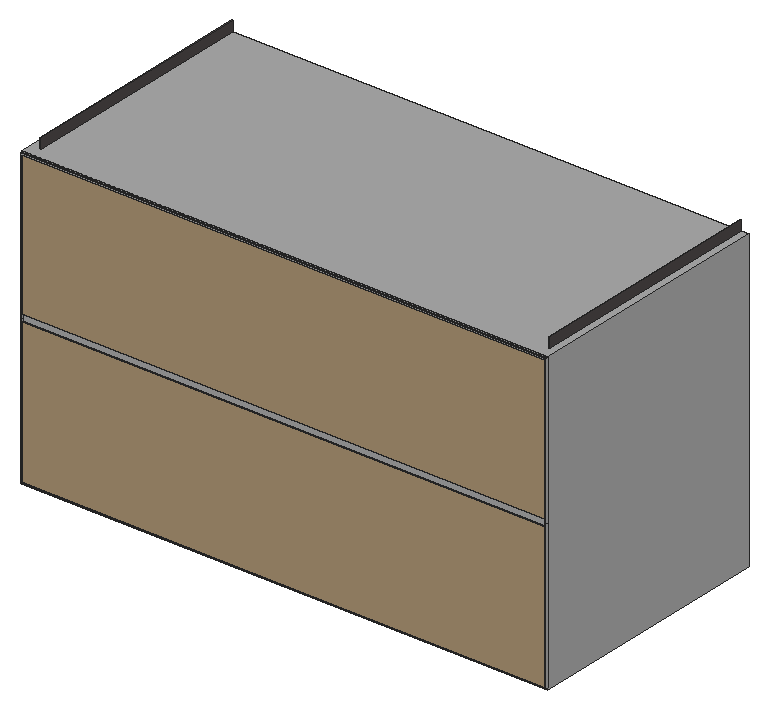
Revit family "vanity unit-hansgrohe-54183XXX-Xevolos E Vanity unit Slate Matt Grey 980_475 with 2 drawers for washbasin", category Furniture, Revit 2019
Family settings
  OmniClass Number = 23.40.00.00
  OmniClass Title = Equipment and Furnishings
  Work Plane-Based = No
  Always vertical = Yes
  Cut with Voids When Loaded = No
  Shared = Yes
  Room Calculation Point = No
Parameters (values of type "54183390-SLATE_MATT_GREY-PATTEREND_BRONZE-200")
  etim7_EC011381 = "EC011381"
  WEIGHT = "42.9"
  UNSPSC = "56 | Furniture and Furnishings"
  UNIFORMATII = "E2010 | Fixed Furnishings"
  UNICLASS_2015_CODE = "40_30_78_05"
  UNICLASS2015 = "Pr_40_30_78_05 | Bathroom furniture"
  SURFACE = "PATTEREND_BRONZE"
  REGION = "Worldwide"
  PRODUCTURL = "https://pro.hansgrohe.com/articledetail--54183770"
  PERMALINK = "54183XXX"
  OMNICLASS = "23-21 19 15 33 13 | Residential Bathroom Specialty Casework"
  OBJECTTYPE = "Object (single object)"
  OBERFLAECHE = "SLATE_MATT_GREY"
  NN = "Vanity unit with 2 drawers for handrinse basin"
  NBSYN = "$ARTNR.-$OBERFLAECHE.-$SURFACE.-$LODLEVEL."
  NB = "54183390-SLATE_MATT_GREY-PATTEREND_BRONZE-200"
  NAME = "Xevolos E Vanity unit Slate Matt Grey 980/475 with 2 drawers for washbasin"
  Model = "54183390-SLATE_MATT_GREY-PATTEREND_BRONZE-200"
  Manufacturer = "Hansgrohe"
  MIdent = "{$CADENAS_DATA/23d-libs/hansgrohe/xevolos_furniture/xevolos_vanity_unit_2_drawers_handrinse_basin/vanity_unit_2_drawers_for_handrinse_basin.prj},279 {VTYP=3D},{NB=54183390-SLATE_MATT_GREY-PATTEREND_BRONZE-200},{LINA=54183390-SLATE_MATT_GREY-PATTEREND_BRONZE-200},{NN=Vanity unit with 2 drawers for handrinse basin},{DATE=13.03.2023 12:26:32},{GEOMDATE=12.03.2023 06:54:00},{VERSION=},{LINEID=830},{WBVAR=LODLEVEL},{WBNUMERIC=}  {NB=54183390-SLATE_MATT_GREY-PATTEREND_BRONZE-200},{LINA=54183390-SLATE_MATT_GREY-PATTEREND_BRONZE-200},{KT=DUMMY},{IDNR=34},{ARTNR=54183390},{BASENUMBER=54183},{MODEL=54183XXX},{OBERFLAECHE=SLATE_MATT_GREY},{SURFACE=PATTEREND_BRONZE},{L=980},{LODLEVEL=200},{LODLEVELX='400','400','200','200'},{NAME=Xevolos E Vanity unit Slate Matt Grey 980/475 with 2 drawers for washbasin},{PERMALINK=54183XXX},{OBJECTTYPE=Object (single object)},{BIMOBJECT=Sanitary: Compound units},{COLLECTIONSET=Xevolos E},{COLLECTION=vanity unit},{WEIGHT=42.9},{DESCRIPTION=Xevolos E Vanity unit Slate Matt Grey 980/475 with 2 drawers for washbasin},{PRODUCTURL=https://pro.hansgrohe.com/articledetail--54183770},{GTINCODE=0},{TENDERURL=0},{IFC=Furnishing element},{ETIM=EC011381 | Bathroom furniture set},{UNICLASS2015=Pr_40_30_78_05 | Bathroom furniture},{OMNICLASS=23-21 19 15 33 13 | Residential Bathroom Specialty Casework},{MASTERFORMAT=12 35 30.23 | Bathroom Casework},{UNSPSC=56 | Furniture and Furnishings},{UNIFORMATII=E2010 | Fixed Furnishings},{REGION=Worldwide},{DESIGN=Germany},{MANUFACTURER=Germany}"
  MASTERFORMAT = "12 35 30.23 | Bathroom Casework"
  LODLEVEL = "200"
  LINA = "54183390-SLATE_MATT_GREY-PATTEREND_BRONZE-200"
  L = 980
  IFC = "Furnishing element"
  IDNR = 34
  ETIM = "EC011381 | Bathroom furniture set"
  DESIGN = "Germany"
  COLLECTIONSET = "Xevolos E"
  COLLECTION = "vanity unit"
  CATALOG = "Hansgrohe"
  BIMOBJECT = "Sanitary: Compound units"
  BASENUMBER = "54183"
  ARTNR = "54183390"
  54183770-SLATE_MATT_GREY-METALLIC_SLATE_GREY-400_RX0RY0RZ0TX0TY0TZ0_V = no
  54183770-SLATE_MATT_GREY-METALLIC_SLATE_GREY-200_RX0RY0RZ0TX0TY0TZ0_V = no
  54183730-SLATE_MATT_GREY-DARK_OAK-400_RX0RY0RZ0TX0TY0TZ0_V = no
  54183730-SLATE_MATT_GREY-DARK_OAK-200_RX0RY0RZ0TX0TY0TZ0_V = no
  54183390-SLATE_MATT_GREY-PATTEREND_BRONZE-400_RX0RY0RZ0TX0TY0TZ0_V = no
  54183390-SLATE_MATT_GREY-PATTEREND_BRONZE-200_RX0RY0RZ0TX0TY0TZ0_V = yes
Types (6, lengths in mm): name | SURFACE | NB | Model | MIdent | LODLEVEL | LINA | IDNR | ARTNR | 54183770-SLATE_MATT_GREY-METALLIC_SLATE_GREY-400_RX0RY0RZ0TX0TY0TZ0_V | 54183770-SLATE_MATT_GREY-METALLIC_SLATE_GREY-200_RX0RY0RZ0TX0TY0TZ0_V | 54183730-SLATE_MATT_GREY-DARK_OAK-400_RX0RY0RZ0TX0TY0TZ0_V | 54183730-SLATE_MATT_GREY-DARK_OAK-200_RX0RY0RZ0TX0TY0TZ0_V | 54183390-SLATE_MATT_GREY-PATTEREND_BRONZE-400_RX0RY0RZ0TX0TY0TZ0_V | 54183390-SLATE_MATT_GREY-PATTEREND_BRONZE-200_RX0RY0RZ0TX0TY0TZ0_V
  54183390-SLATE_MATT_GREY-PATTEREND_BRONZE-200 | "PATTEREND_BRONZE" | "54183390-SLATE_MATT_GREY-PATTEREND_BRONZE-200" | "54183390-SLATE_MATT_GREY-PATTEREND_BRONZE-200" | "{$CADENAS_DATA/23d-libs/hansgrohe/xevolos_furniture/xevolos_vanity_unit_2_drawers_handrinse_basin/vanity_unit_2_drawers_for_handrinse_basin.prj},279 {VTYP=3D},{NB=54183390-SLATE_MATT_GREY-PATTEREND_BRONZE-200},{LINA=54183390-SLATE_MATT_GREY-PATTEREND_BRONZE-200},{NN=Vanity unit with 2 drawers for handrinse basin},{DATE=13.03.2023 12:26:32},{GEOMDATE=12.03.2023 06:54:00},{VERSION=},{LINEID=830},{WBVAR=LODLEVEL},{WBNUMERIC=}  {NB=54183390-SLATE_MATT_GREY-PATTEREND_BRONZE-200},{LINA=54183390-SLATE_MATT_GREY-PATTEREND_BRONZE-200},{KT=DUMMY},{IDNR=34},{ARTNR=54183390},{BASENUMBER=54183},{MODEL=54183XXX},{OBERFLAECHE=SLATE_MATT_GREY},{SURFACE=PATTEREND_BRONZE},{L=980},{LODLEVEL=200},{LODLEVELX='400','400','200','200'},{NAME=Xevolos E Vanity unit Slate Matt Grey 980/475 with 2 drawers for washbasin},{PERMALINK=54183XXX},{OBJECTTYPE=Object (single object)},{BIMOBJECT=Sanitary: Compound units},{COLLECTIONSET=Xevolos E},{COLLECTION=vanity unit},{WEIGHT=42.9},{DESCRIPTION=Xevolos E Vanity unit Slate Matt Grey 980/475 with 2 drawers for washbasin},{PRODUCTURL=https://pro.hansgrohe.com/articledetail--54183770},{GTINCODE=0},{TENDERURL=0},{IFC=Furnishing element},{ETIM=EC011381 | Bathroom furniture set},{UNICLASS2015=Pr_40_30_78_05 | Bathroom furniture},{OMNICLASS=23-21 19 15 33 13 | Residential Bathroom Specialty Casework},{MASTERFORMAT=12 35 30.23 | Bathroom Casework},{UNSPSC=56 | Furniture and Furnishings},{UNIFORMATII=E2010 | Fixed Furnishings},{REGION=Worldwide},{DESIGN=Germany},{MANUFACTURER=Germany}" | "200" | "54183390-SLATE_MATT_GREY-PATTEREND_BRONZE-200" | 34 | "54183390" | no | no | no | no | no | yes
  54183390-SLATE_MATT_GREY-PATTEREND_BRONZE-400 | "PATTEREND_BRONZE" | "54183390-SLATE_MATT_GREY-PATTEREND_BRONZE-400" | "54183390-SLATE_MATT_GREY-PATTEREND_BRONZE-400" | "{$CADENAS_DATA/23d-libs/hansgrohe/xevolos_furniture/xevolos_vanity_unit_2_drawers_handrinse_basin/vanity_unit_2_drawers_for_handrinse_basin.prj},279 {VTYP=3D},{NB=54183390-SLATE_MATT_GREY-PATTEREND_BRONZE-400},{LINA=54183390-SLATE_MATT_GREY-PATTEREND_BRONZE-400},{NN=Vanity unit with 2 drawers for handrinse basin},{DATE=13.03.2023 12:26:32},{GEOMDATE=12.03.2023 06:54:00},{VERSION=},{LINEID=830},{WBVAR=LODLEVEL},{WBNUMERIC=}  {NB=54183390-SLATE_MATT_GREY-PATTEREND_BRONZE-400},{LINA=54183390-SLATE_MATT_GREY-PATTEREND_BRONZE-400},{KT=DUMMY},{IDNR=34},{ARTNR=54183390},{BASENUMBER=54183},{MODEL=54183XXX},{OBERFLAECHE=SLATE_MATT_GREY},{SURFACE=PATTEREND_BRONZE},{L=980},{LODLEVEL=400},{LODLEVELX='400','400','200','200'},{NAME=Xevolos E Vanity unit Slate Matt Grey 980/475 with 2 drawers for washbasin},{PERMALINK=54183XXX},{OBJECTTYPE=Object (single object)},{BIMOBJECT=Sanitary: Compound units},{COLLECTIONSET=Xevolos E},{COLLECTION=vanity unit},{WEIGHT=42.9},{DESCRIPTION=Xevolos E Vanity unit Slate Matt Grey 980/475 with 2 drawers for washbasin},{PRODUCTURL=https://pro.hansgrohe.com/articledetail--54183770},{GTINCODE=0},{TENDERURL=0},{IFC=Furnishing element},{ETIM=EC011381 | Bathroom furniture set},{UNICLASS2015=Pr_40_30_78_05 | Bathroom furniture},{OMNICLASS=23-21 19 15 33 13 | Residential Bathroom Specialty Casework},{MASTERFORMAT=12 35 30.23 | Bathroom Casework},{UNSPSC=56 | Furniture and Furnishings},{UNIFORMATII=E2010 | Fixed Furnishings},{REGION=Worldwide},{DESIGN=Germany},{MANUFACTURER=Germany}" | "400" | "54183390-SLATE_MATT_GREY-PATTEREND_BRONZE-400" | 34 | "54183390" | no | no | no | no | yes | no
  54183730-SLATE_MATT_GREY-DARK_OAK-200 | "DARK_OAK" | "54183730-SLATE_MATT_GREY-DARK_OAK-200" | "54183730-SLATE_MATT_GREY-DARK_OAK-200" | "{$CADENAS_DATA/23d-libs/hansgrohe/xevolos_furniture/xevolos_vanity_unit_2_drawers_handrinse_basin/vanity_unit_2_drawers_for_handrinse_basin.prj},263 {VTYP=3D},{NB=54183730-SLATE_MATT_GREY-DARK_OAK-200},{LINA=54183730-SLATE_MATT_GREY-DARK_OAK-200},{NN=Vanity unit with 2 drawers for handrinse basin},{DATE=13.03.2023 12:26:32},{GEOMDATE=12.03.2023 06:54:00},{VERSION=},{LINEID=840},{WBVAR=LODLEVEL},{WBNUMERIC=}  {NB=54183730-SLATE_MATT_GREY-DARK_OAK-200},{LINA=54183730-SLATE_MATT_GREY-DARK_OAK-200},{KT=DUMMY},{IDNR=35},{ARTNR=54183730},{BASENUMBER=54183},{MODEL=54183XXX},{OBERFLAECHE=SLATE_MATT_GREY},{SURFACE=DARK_OAK},{L=980},{LODLEVEL=200},{LODLEVELX='400','400','200','200'},{NAME=Xevolos E Vanity unit Slate Matt Grey 980/475 with 2 drawers for washbasin},{PERMALINK=54183XXX},{OBJECTTYPE=Object (single object)},{BIMOBJECT=Sanitary: Compound units},{COLLECTIONSET=Xevolos E},{COLLECTION=vanity unit},{WEIGHT=42.9},{DESCRIPTION=Xevolos E Vanity unit Slate Matt Grey 980/475 with 2 drawers for washbasin},{PRODUCTURL=https://pro.hansgrohe.com/articledetail--54183770},{GTINCODE=0},{TENDERURL=0},{IFC=Furnishing element},{ETIM=EC011381 | Bathroom furniture set},{UNICLASS2015=Pr_40_30_78_05 | Bathroom furniture},{OMNICLASS=23-21 19 15 33 13 | Residential Bathroom Specialty Casework},{MASTERFORMAT=12 35 30.23 | Bathroom Casework},{UNSPSC=56 | Furniture and Furnishings},{UNIFORMATII=E2010 | Fixed Furnishings},{REGION=Worldwide},{DESIGN=Germany},{MANUFACTURER=Germany}" | "200" | "54183730-SLATE_MATT_GREY-DARK_OAK-200" | 35 | "54183730" | no | no | no | yes | no | no
  54183730-SLATE_MATT_GREY-DARK_OAK-400 | "DARK_OAK" | "54183730-SLATE_MATT_GREY-DARK_OAK-400" | "54183730-SLATE_MATT_GREY-DARK_OAK-400" | "{$CADENAS_DATA/23d-libs/hansgrohe/xevolos_furniture/xevolos_vanity_unit_2_drawers_handrinse_basin/vanity_unit_2_drawers_for_handrinse_basin.prj},263 {VTYP=3D},{NB=54183730-SLATE_MATT_GREY-DARK_OAK-400},{LINA=54183730-SLATE_MATT_GREY-DARK_OAK-400},{NN=Vanity unit with 2 drawers for handrinse basin},{DATE=13.03.2023 12:26:32},{GEOMDATE=12.03.2023 06:54:00},{VERSION=},{LINEID=840},{WBVAR=LODLEVEL},{WBNUMERIC=}  {NB=54183730-SLATE_MATT_GREY-DARK_OAK-400},{LINA=54183730-SLATE_MATT_GREY-DARK_OAK-400},{KT=DUMMY},{IDNR=35},{ARTNR=54183730},{BASENUMBER=54183},{MODEL=54183XXX},{OBERFLAECHE=SLATE_MATT_GREY},{SURFACE=DARK_OAK},{L=980},{LODLEVEL=400},{LODLEVELX='400','400','200','200'},{NAME=Xevolos E Vanity unit Slate Matt Grey 980/475 with 2 drawers for washbasin},{PERMALINK=54183XXX},{OBJECTTYPE=Object (single object)},{BIMOBJECT=Sanitary: Compound units},{COLLECTIONSET=Xevolos E},{COLLECTION=vanity unit},{WEIGHT=42.9},{DESCRIPTION=Xevolos E Vanity unit Slate Matt Grey 980/475 with 2 drawers for washbasin},{PRODUCTURL=https://pro.hansgrohe.com/articledetail--54183770},{GTINCODE=0},{TENDERURL=0},{IFC=Furnishing element},{ETIM=EC011381 | Bathroom furniture set},{UNICLASS2015=Pr_40_30_78_05 | Bathroom furniture},{OMNICLASS=23-21 19 15 33 13 | Residential Bathroom Specialty Casework},{MASTERFORMAT=12 35 30.23 | Bathroom Casework},{UNSPSC=56 | Furniture and Furnishings},{UNIFORMATII=E2010 | Fixed Furnishings},{REGION=Worldwide},{DESIGN=Germany},{MANUFACTURER=Germany}" | "400" | "54183730-SLATE_MATT_GREY-DARK_OAK-400" | 35 | "54183730" | no | no | yes | no | no | no
  54183770-SLATE_MATT_GREY-METALLIC_SLATE_GREY-200 | "METALLIC_SLATE_GREY" | "54183770-SLATE_MATT_GREY-METALLIC_SLATE_GREY-200" | "54183770-SLATE_MATT_GREY-METALLIC_SLATE_GREY-200" | "{$CADENAS_DATA/23d-libs/hansgrohe/xevolos_furniture/xevolos_vanity_unit_2_drawers_handrinse_basin/vanity_unit_2_drawers_for_handrinse_basin.prj},285 {VTYP=3D},{NB=54183770-SLATE_MATT_GREY-METALLIC_SLATE_GREY-200},{LINA=54183770-SLATE_MATT_GREY-METALLIC_SLATE_GREY-200},{NN=Vanity unit with 2 drawers for handrinse basin},{DATE=13.03.2023 12:26:32},{GEOMDATE=12.03.2023 06:54:00},{VERSION=},{LINEID=850},{WBVAR=LODLEVEL},{WBNUMERIC=}  {NB=54183770-SLATE_MATT_GREY-METALLIC_SLATE_GREY-200},{LINA=54183770-SLATE_MATT_GREY-METALLIC_SLATE_GREY-200},{KT=DUMMY},{IDNR=36},{ARTNR=54183770},{BASENUMBER=54183},{MODEL=54183XXX},{OBERFLAECHE=SLATE_MATT_GREY},{SURFACE=METALLIC_SLATE_GREY},{L=980},{LODLEVEL=200},{LODLEVELX='400','400','200','200'},{NAME=Xevolos E Vanity unit Slate Matt Grey 980/475 with 2 drawers for washbasin},{PERMALINK=54183XXX},{OBJECTTYPE=Object (single object)},{BIMOBJECT=Sanitary: Compound units},{COLLECTIONSET=Xevolos E},{COLLECTION=vanity unit},{WEIGHT=42.9},{DESCRIPTION=Xevolos E Vanity unit Slate Matt Grey 980/475 with 2 drawers for washbasin},{PRODUCTURL=https://pro.hansgrohe.com/articledetail--54183770},{GTINCODE=0},{TENDERURL=0},{IFC=Furnishing element},{ETIM=EC011381 | Bathroom furniture set},{UNICLASS2015=Pr_40_30_78_05 | Bathroom furniture},{OMNICLASS=23-21 19 15 33 13 | Residential Bathroom Specialty Casework},{MASTERFORMAT=12 35 30.23 | Bathroom Casework},{UNSPSC=56 | Furniture and Furnishings},{UNIFORMATII=E2010 | Fixed Furnishings},{REGION=Worldwide},{DESIGN=Germany},{MANUFACTURER=Germany}" | "200" | "54183770-SLATE_MATT_GREY-METALLIC_SLATE_GREY-200" | 36 | "54183770" | no | yes | no | no | no | no
  54183770-SLATE_MATT_GREY-METALLIC_SLATE_GREY-400 | "METALLIC_SLATE_GREY" | "54183770-SLATE_MATT_GREY-METALLIC_SLATE_GREY-400" | "54183770-SLATE_MATT_GREY-METALLIC_SLATE_GREY-400" | "{$CADENAS_DATA/23d-libs/hansgrohe/xevolos_furniture/xevolos_vanity_unit_2_drawers_handrinse_basin/vanity_unit_2_drawers_for_handrinse_basin.prj},285 {VTYP=3D},{NB=54183770-SLATE_MATT_GREY-METALLIC_SLATE_GREY-400},{LINA=54183770-SLATE_MATT_GREY-METALLIC_SLATE_GREY-400},{NN=Vanity unit with 2 drawers for handrinse basin},{DATE=13.03.2023 12:26:32},{GEOMDATE=12.03.2023 06:54:00},{VERSION=},{LINEID=850},{WBVAR=LODLEVEL},{WBNUMERIC=}  {NB=54183770-SLATE_MATT_GREY-METALLIC_SLATE_GREY-400},{LINA=54183770-SLATE_MATT_GREY-METALLIC_SLATE_GREY-400},{KT=DUMMY},{IDNR=36},{ARTNR=54183770},{BASENUMBER=54183},{MODEL=54183XXX},{OBERFLAECHE=SLATE_MATT_GREY},{SURFACE=METALLIC_SLATE_GREY},{L=980},{LODLEVEL=400},{LODLEVELX='400','400','200','200'},{NAME=Xevolos E Vanity unit Slate Matt Grey 980/475 with 2 drawers for washbasin},{PERMALINK=54183XXX},{OBJECTTYPE=Object (single object)},{BIMOBJECT=Sanitary: Compound units},{COLLECTIONSET=Xevolos E},{COLLECTION=vanity unit},{WEIGHT=42.9},{DESCRIPTION=Xevolos E Vanity unit Slate Matt Grey 980/475 with 2 drawers for washbasin},{PRODUCTURL=https://pro.hansgrohe.com/articledetail--54183770},{GTINCODE=0},{TENDERURL=0},{IFC=Furnishing element},{ETIM=EC011381 | Bathroom furniture set},{UNICLASS2015=Pr_40_30_78_05 | Bathroom furniture},{OMNICLASS=23-21 19 15 33 13 | Residential Bathroom Specialty Casework},{MASTERFORMAT=12 35 30.23 | Bathroom Casework},{UNSPSC=56 | Furniture and Furnishings},{UNIFORMATII=E2010 | Fixed Furnishings},{REGION=Worldwide},{DESIGN=Germany},{MANUFACTURER=Germany}" | "400" | "54183770-SLATE_MATT_GREY-METALLIC_SLATE_GREY-400" | 36 | "54183770" | yes | no | no | no | no | no
Reference planes
  plane 1 "Center (Front/Back)": y = 0
  plane 2: z = 0
  plane 3 "Center (Left/Right)": x = 0
Dimensions and locks
  aligned and locked: level to plane 2
Nested families
  nested 1: "54183390-slate_matt_grey-patterend_bronze-200_content" at (0, 0, 0), visible <- "54183390-SLATE_MATT_GREY-PATTEREND_BRONZE-200_RX0RY0RZ0TX0TY0TZ0_V", ContentVisible <- "54183390-SLATE_MATT_GREY-PATTEREND_BRONZE-200_RX0RY0RZ0TX0TY0TZ0_V", type "54183390-SLATE_MATT_GREY-PATTEREND_BRONZE-200_Content"
    with ContentVisible yes
  nested 2: "54183390-slate_matt_grey-patterend_bronze-400_content" at (0, 0, 0), visible <- "54183390-SLATE_MATT_GREY-PATTEREND_BRONZE-400_RX0RY0RZ0TX0TY0TZ0_V", ContentVisible <- "54183390-SLATE_MATT_GREY-PATTEREND_BRONZE-400_RX0RY0RZ0TX0TY0TZ0_V", type "54183390-SLATE_MATT_GREY-PATTEREND_BRONZE-400_Content"
    with ContentVisible no
  nested 3: "54183730-slate_matt_grey-dark_oak-200_content" at (0, 0, 0), visible <- "54183730-SLATE_MATT_GREY-DARK_OAK-200_RX0RY0RZ0TX0TY0TZ0_V", ContentVisible <- "54183730-SLATE_MATT_GREY-DARK_OAK-200_RX0RY0RZ0TX0TY0TZ0_V", type "54183730-SLATE_MATT_GREY-DARK_OAK-200_Content"
    with ContentVisible no
  nested 4: "54183730-slate_matt_grey-dark_oak-400_content" at (0, 0, 0), visible <- "54183730-SLATE_MATT_GREY-DARK_OAK-400_RX0RY0RZ0TX0TY0TZ0_V", ContentVisible <- "54183730-SLATE_MATT_GREY-DARK_OAK-400_RX0RY0RZ0TX0TY0TZ0_V", type "54183730-SLATE_MATT_GREY-DARK_OAK-400_Content"
    with ContentVisible no
  nested 5: "54183770-slate_matt_grey-metallic_slate_grey-200_content" at (0, 0, 0), visible <- "54183770-SLATE_MATT_GREY-METALLIC_SLATE_GREY-200_RX0RY0RZ0TX0TY0TZ0_V", ContentVisible <- "54183770-SLATE_MATT_GREY-METALLIC_SLATE_GREY-200_RX0RY0RZ0TX0TY0TZ0_V", type "54183770-SLATE_MATT_GREY-METALLIC_SLATE_GREY-200_Content"
    with ContentVisible no
  nested 6: "54183770-slate_matt_grey-metallic_slate_grey-400_content" at (0, 0, 0), visible <- "54183770-SLATE_MATT_GREY-METALLIC_SLATE_GREY-400_RX0RY0RZ0TX0TY0TZ0_V", ContentVisible <- "54183770-SLATE_MATT_GREY-METALLIC_SLATE_GREY-400_RX0RY0RZ0TX0TY0TZ0_V", type "54183770-SLATE_MATT_GREY-METALLIC_SLATE_GREY-400_Content"
    with ContentVisible no
Definition of nested family "54183390-slate_matt_grey-patterend_bronze-200_content"
  Parameters (values of type "54183390-SLATE_MATT_GREY-PATTEREND_BRONZE-200_Content")
    etim7_EC011381 = "EC011381"
    WEIGHT = "42.9"
    UNSPSC = "56 | Furniture and Furnishings"
    UNIFORMATII = "E2010 | Fixed Furnishings"
    UNICLASS_2015_CODE = "40_30_78_05"
    UNICLASS2015 = "Pr_40_30_78_05 | Bathroom furniture"
    SURFACE = "PATTEREND_BRONZE"
    REGION = "Worldwide"
    PRODUCTURL = "https://pro.hansgrohe.com/articledetail--54183770"
    PERMALINK = "54183XXX"
    OMNICLASS = "23-21 19 15 33 13 | Residential Bathroom Specialty Casework"
    OBJECTTYPE = "Object (single object)"
    OBERFLAECHE = "SLATE_MATT_GREY"
    NN = "Vanity unit with 2 drawers for handrinse basin"
    NBSYN = "$ARTNR.-$OBERFLAECHE.-$SURFACE.-$LODLEVEL."
    NB = "54183390-SLATE_MATT_GREY-PATTEREND_BRONZE-200"
    NAME = "Xevolos E Vanity unit Slate Matt Grey 980/475 with 2 drawers for washbasin"
    Model = "54183390-SLATE_MATT_GREY-PATTEREND_BRONZE-200"
    Manufacturer = "Hansgrohe"
    MASTERFORMAT = "12 35 30.23 | Bathroom Casework"
    LODLEVEL = "200"
    LINA = "54183390-SLATE_MATT_GREY-PATTEREND_BRONZE-200"
    L = 980
    IFC = "Furnishing element"
    IDNR = 34
    ETIM = "EC011381 | Bathroom furniture set"
    Default Elevation = 1219.2 mm
    DESIGN = "Germany"
    ContentVisible [instance] = yes
    COLLECTIONSET = "Xevolos E"
    COLLECTION = "vanity unit"
    CATALOG = "Hansgrohe"
    BIMOBJECT = "Sanitary: Compound units"
    BASENUMBER = "54183"
    ARTNR = "54183390"
  Reference planes
    plane 1 "Center (Front/Back)": y = 0
    plane 2: z = 0
    plane 3 "Center (Left/Right)": x = 0
  Forms (mm)
    Extrusion 1, solid, visible <- "ContentVisible", detail levels medium+fine
      sketch origin (0, 0, 0) x (1, 0, 0) y (0, 1, 0)
        loop
          line (-490, 0) -> (-490, -468.3) -> (490, -468.3) -> (490, 0) -> (-490, 0)
      from 0 to 556
    Extrusion 2, solid, visible <- "ContentVisible", detail levels medium+fine
      sketch origin (0, -468.3, 0) x (1, 0, 0) y (0, 0, -1)
        loop
          line (-490, -278) -> (-488, -278) -> (-488, -4) -> (488, -4) -> (488, -278) -> (490, -278) -> (490, -2) -> (-490, -2) -> (-490, -278)
      from -4 to 0
    Extrusion 3, solid, visible <- "ContentVisible", detail levels medium+fine
      sketch origin (0, -468.3, 0) x (1, 0, 0) y (0, 0, -1)
        loop
          line (-490, -278) -> (-490, -554) -> (490, -554) -> (490, -278) -> (488, -278) -> (488, -552) -> (-488, -552) -> (-488, -278) -> (-490, -278)
      from -4 to 0
    Extrusion 4, solid, visible <- "ContentVisible", detail levels medium+fine
      sketch origin (0, -468.3, 0) x (1, 0, 0) y (0, 0, -1)
        loop
          line (-488, -272.5) -> (488, -272.5) -> (488, -4.5) -> (-488, -4.5) -> (-488, -272.5)
      from -4 to 0
    Extrusion 5, solid, visible <- "ContentVisible", detail levels medium+fine
      sketch origin (0, -468.3, 0) x (1, 0, 0) y (0, 0, -1)
        loop
          line (-488, -553.5) -> (488, -553.5) -> (488, -285.5) -> (-488, -285.5) -> (-488, -553.5)
      from -4 to 0
    Extrusion 6, solid, visible <- "ContentVisible", detail levels medium+fine
      sketch origin (-474, 0, 0) x (0, 0, -1) y (0, 1, 0)
        loop
          line (-574, 0) -> (-574, -446) -> (-534, -446) -> (-534, 0) -> (-574, 0)
      from 0 to 2
    Extrusion 7, solid, visible <- "ContentVisible", detail levels medium+fine
      sketch origin (474, 0, 0) x (0, 0, -1) y (0, 1, 0)
        loop
          line (-574, 0) -> (-574, -446) -> (-534, -446) -> (-534, 0) -> (-574, 0)
      from 0 to 2
    Extrusion 8, solid, visible <- "ContentVisible", detail levels coarse
      sketch origin (0, -236.15, 0) x (1, 0, 0) y (0, 1, 0)
        loop
          line (-490, -236.15) -> (490, -236.15) -> (490, 236.15) -> (-490, 236.15) -> (-490, -236.15)
      from 0 to 574
  Dimensions and locks
    aligned and locked: level to plane 2
Definition of nested family "54183390-slate_matt_grey-patterend_bronze-400_content"
  Parameters (values of type "54183390-SLATE_MATT_GREY-PATTEREND_BRONZE-400_Content")
    etim7_EC011381 = "EC011381"
    WEIGHT = "42.9"
    UNSPSC = "56 | Furniture and Furnishings"
    UNIFORMATII = "E2010 | Fixed Furnishings"
    UNICLASS_2015_CODE = "40_30_78_05"
    UNICLASS2015 = "Pr_40_30_78_05 | Bathroom furniture"
    SURFACE = "PATTEREND_BRONZE"
    REGION = "Worldwide"
    PRODUCTURL = "https://pro.hansgrohe.com/articledetail--54183770"
    PERMALINK = "54183XXX"
    OMNICLASS = "23-21 19 15 33 13 | Residential Bathroom Specialty Casework"
    OBJECTTYPE = "Object (single object)"
    OBERFLAECHE = "SLATE_MATT_GREY"
    NN = "Vanity unit with 2 drawers for handrinse basin"
    NBSYN = "$ARTNR.-$OBERFLAECHE.-$SURFACE.-$LODLEVEL."
    NB = "54183390-SLATE_MATT_GREY-PATTEREND_BRONZE-400"
    NAME = "Xevolos E Vanity unit Slate Matt Grey 980/475 with 2 drawers for washbasin"
    Model = "54183390-SLATE_MATT_GREY-PATTEREND_BRONZE-400"
    Manufacturer = "Hansgrohe"
    MASTERFORMAT = "12 35 30.23 | Bathroom Casework"
    LODLEVEL = "400"
    LINA = "54183390-SLATE_MATT_GREY-PATTEREND_BRONZE-400"
    L = 980
    IFC = "Furnishing element"
    IDNR = 34
    ETIM = "EC011381 | Bathroom furniture set"
    Default Elevation = 1219.2 mm
    DESIGN = "Germany"
    ContentVisible [instance] = yes
    COLLECTIONSET = "Xevolos E"
    COLLECTION = "vanity unit"
    CATALOG = "Hansgrohe"
    BIMOBJECT = "Sanitary: Compound units"
    BASENUMBER = "54183"
    ARTNR = "54183390"
  Reference planes
    plane 1 "Center (Front/Back)": y = 0
    plane 2: z = 0
    plane 3 "Center (Left/Right)": x = 0
  Forms (mm)
    Extrusion 1, solid, visible <- "ContentVisible", detail levels medium+fine
      sketch origin (0, 0, 0) x (1, 0, 0) y (0, 1, 0)
        loop
          line (-490, 0) -> (-490, -472.3) -> (-488, -472.3) -> (-488, -468.3) -> (-474, -468.3) -> (-474, 0) -> (-490, 0)
      from 0 to 556
    Extrusion 2, solid, visible <- "ContentVisible", detail levels medium+fine
      sketch origin (0, 0, 0) x (1, 0, 0) y (0, 1, 0)
        loop
          line (-474, -79) -> (-474, -445.5) -> (474, -445.5) -> (474, -79) -> (-474, -79)
      from 0 to 16
    Extrusion 3, solid, visible <- "ContentVisible", detail levels medium+fine
      sketch origin (0, 0, 0) x (1, 0, 0) y (0, 1, 0)
        loop
          line (474, 0) -> (474, -468.3) -> (488, -468.3) -> (488, -472.3) -> (490, -472.3) -> (490, 0) -> (474, 0)
      from 0 to 556
    Extrusion 4, solid, visible <- "ContentVisible", detail levels medium+fine
      sketch origin (0, 0, 0.5) x (1, 0, 0) y (0, 1, 0)
        loop
          line (-474, -63) -> (-474, -79) -> (474, -79) -> (474, -63) -> (-474, -63)
      from 0 to 126
    Extrusion 5, solid, visible <- "ContentVisible", detail levels medium+fine
      sketch origin (0, 0, 2) x (1, 0, 0) y (0, 1, 0)
        loop
          line (-488, -451) -> (-488, -472.3) -> (488, -472.3) -> (488, -451) -> (-488, -451)
      from 0 to 2
    Extrusion 6, solid, visible <- "ContentVisible", detail levels medium+fine
      sketch origin (0, 0, 554) x (1, 0, 0) y (0, 1, 0)
        loop
          line (-488, -451) -> (-488, -472.3) -> (488, -472.3) -> (488, -451) -> (-488, -451)
      from -2 to 0
    Extrusion 7, solid, visible <- "ContentVisible", detail levels medium+fine
      sketch origin (0, -468.3, 0) x (1, 0, 0) y (0, 0, -1)
        loop
          line (-488, -272.5) -> (488, -272.5) -> (488, -4.5) -> (-488, -4.5) -> (-488, -272.5)
      from -4 to 0
    Extrusion 8, solid, visible <- "ContentVisible", detail levels medium+fine
      sketch origin (0, -468.3, 0) x (1, 0, 0) y (0, 0, -1)
        loop
          line (-488, -553.5) -> (488, -553.5) -> (488, -285.5) -> (-488, -285.5) -> (-488, -553.5)
      from -4 to 0
    Extrusion 9, solid, visible <- "ContentVisible", detail levels medium+fine
      sketch origin (0, 0, 272.5) x (1, 0, 0) y (0, 1, 0)
        loop
          line (-488, -451) -> (-488, -472.3) -> (488, -472.3) -> (488, -451) -> (-488, -451)
      from 0 to 2
    Extrusion 10, solid, visible <- "ContentVisible", detail levels medium+fine
      sketch origin (0, 0, 285.5) x (1, 0, 0) y (0, 1, 0)
        loop
          line (-488, -451) -> (-488, -472.3) -> (488, -472.3) -> (488, -451) -> (-488, -451)
      from -2 to 0
    Extrusion 11, solid, visible <- "ContentVisible", detail levels medium+fine
      sketch origin (0, -468.3, 0) x (1, 0, 0) y (0, 0, -1)
        loop
          line (-488, -274.5) -> (488, -274.5) -> (488, -4.5) -> (-488, -4.5) -> (-488, -274.5)
        loop
          line (-414, -78) -> (-414, -272.5) -> (414, -272.5) -> (414, -78) -> (-414, -78)
      from 0 to 17
    Extrusion 12, solid, visible <- "ContentVisible", detail levels medium+fine
      sketch origin (0, -468.3, 0) x (1, 0, 0) y (0, 0, -1)
        loop
          line (-488, -553.5) -> (-412, -553.5) -> (-412, -361.5) -> (412, -361.5) -> (412, -553.5) -> (488, -553.5) -> (488, -285.5) -> (-488, -285.5) -> (-488, -553.5)
      from 0 to 17
    Extrusion 13, solid, visible <- "ContentVisible", detail levels medium+fine
      sketch origin (-474, 0, 0) x (0, 0, -1) y (0, 1, 0)
        loop
          line (-574, 0) -> (-574, -446) -> (-534, -446) -> (-534, 0) -> (-574, 0)
      from 0 to 2
    Extrusion 14, solid, visible <- "ContentVisible", detail levels medium+fine
      sketch origin (474, 0, 0) x (0, 0, -1) y (0, 1, 0)
        loop
          line (-574, 0) -> (-574, -446) -> (-534, -446) -> (-534, 0) -> (-574, 0)
      from 0 to 2
    Extrusion 15, solid, visible <- "ContentVisible", detail levels medium+fine
      sketch origin (0, 0, 0) x (0, 0, -1) y (0, 1, 0)
        loop
          line (-285, -319.5) -> (-285, -444) -> (-269, -444) -> (-269, -319.5) -> (-285, -319.5)
      from -474 to 474
    Extrusion 16, solid, visible <- "ContentVisible", detail levels coarse
      sketch origin (0, -236.15, 0) x (1, 0, 0) y (0, 1, 0)
        loop
          line (-490, -236.15) -> (490, -236.15) -> (490, 236.15) -> (-490, 236.15) -> (-490, -236.15)
      from 0 to 574
  Dimensions and locks
    aligned and locked: level to plane 2
Definition of nested family "54183730-slate_matt_grey-dark_oak-200_content"
  Parameters (values of type "54183730-SLATE_MATT_GREY-DARK_OAK-200_Content")
    etim7_EC011381 = "EC011381"
    WEIGHT = "42.9"
    UNSPSC = "56 | Furniture and Furnishings"
    UNIFORMATII = "E2010 | Fixed Furnishings"
    UNICLASS_2015_CODE = "40_30_78_05"
    UNICLASS2015 = "Pr_40_30_78_05 | Bathroom furniture"
    SURFACE = "DARK_OAK"
    REGION = "Worldwide"
    PRODUCTURL = "https://pro.hansgrohe.com/articledetail--54183770"
    PERMALINK = "54183XXX"
    OMNICLASS = "23-21 19 15 33 13 | Residential Bathroom Specialty Casework"
    OBJECTTYPE = "Object (single object)"
    OBERFLAECHE = "SLATE_MATT_GREY"
    NN = "Vanity unit with 2 drawers for handrinse basin"
    NBSYN = "$ARTNR.-$OBERFLAECHE.-$SURFACE.-$LODLEVEL."
    NB = "54183730-SLATE_MATT_GREY-DARK_OAK-200"
    NAME = "Xevolos E Vanity unit Slate Matt Grey 980/475 with 2 drawers for washbasin"
    Model = "54183730-SLATE_MATT_GREY-DARK_OAK-200"
    Manufacturer = "Hansgrohe"
    MASTERFORMAT = "12 35 30.23 | Bathroom Casework"
    LODLEVEL = "200"
    LINA = "54183730-SLATE_MATT_GREY-DARK_OAK-200"
    L = 980
    IFC = "Furnishing element"
    IDNR = 35
    ETIM = "EC011381 | Bathroom furniture set"
    Default Elevation = 1219.2 mm
    DESIGN = "Germany"
    ContentVisible [instance] = yes
    COLLECTIONSET = "Xevolos E"
    COLLECTION = "vanity unit"
    CATALOG = "Hansgrohe"
    BIMOBJECT = "Sanitary: Compound units"
    BASENUMBER = "54183"
    ARTNR = "54183730"
  Reference planes
    plane 1 "Center (Front/Back)": y = 0
    plane 2: z = 0
    plane 3 "Center (Left/Right)": x = 0
  Forms (mm)
    Extrusion 1, solid, visible <- "ContentVisible", detail levels medium+fine
      sketch origin (0, 0, 0) x (1, 0, 0) y (0, 1, 0)
        loop
          line (-490, 0) -> (-490, -468.3) -> (490, -468.3) -> (490, 0) -> (-490, 0)
      from 0 to 556
    Extrusion 2, solid, visible <- "ContentVisible", detail levels medium+fine
      sketch origin (0, -468.3, 0) x (1, 0, 0) y (0, 0, -1)
        loop
          line (-490, -278) -> (-488, -278) -> (-488, -4) -> (488, -4) -> (488, -278) -> (490, -278) -> (490, -2) -> (-490, -2) -> (-490, -278)
      from -4 to 0
    Extrusion 3, solid, visible <- "ContentVisible", detail levels medium+fine
      sketch origin (0, -468.3, 0) x (1, 0, 0) y (0, 0, -1)
        loop
          line (-490, -278) -> (-490, -554) -> (490, -554) -> (490, -278) -> (488, -278) -> (488, -552) -> (-488, -552) -> (-488, -278) -> (-490, -278)
      from -4 to 0
    Extrusion 4, solid, visible <- "ContentVisible", detail levels medium+fine
      sketch origin (0, -468.3, 0) x (1, 0, 0) y (0, 0, -1)
        loop
          line (-488, -272.5) -> (488, -272.5) -> (488, -4.5) -> (-488, -4.5) -> (-488, -272.5)
      from -4 to 0
    Extrusion 5, solid, visible <- "ContentVisible", detail levels medium+fine
      sketch origin (0, -468.3, 0) x (1, 0, 0) y (0, 0, -1)
        loop
          line (-488, -553.5) -> (488, -553.5) -> (488, -285.5) -> (-488, -285.5) -> (-488, -553.5)
      from -4 to 0
    Extrusion 6, solid, visible <- "ContentVisible", detail levels medium+fine
      sketch origin (-474, 0, 0) x (0, 0, -1) y (0, 1, 0)
        loop
          line (-574, 0) -> (-574, -446) -> (-534, -446) -> (-534, 0) -> (-574, 0)
      from 0 to 2
    Extrusion 7, solid, visible <- "ContentVisible", detail levels medium+fine
      sketch origin (474, 0, 0) x (0, 0, -1) y (0, 1, 0)
        loop
          line (-574, 0) -> (-574, -446) -> (-534, -446) -> (-534, 0) -> (-574, 0)
      from 0 to 2
    Extrusion 8, solid, visible <- "ContentVisible", detail levels coarse
      sketch origin (0, -236.15, 0) x (1, 0, 0) y (0, 1, 0)
        loop
          line (-490, -236.15) -> (490, -236.15) -> (490, 236.15) -> (-490, 236.15) -> (-490, -236.15)
      from 0 to 574
  Dimensions and locks
    aligned and locked: level to plane 2
Definition of nested family "54183730-slate_matt_grey-dark_oak-400_content"
  Parameters (values of type "54183730-SLATE_MATT_GREY-DARK_OAK-400_Content")
    etim7_EC011381 = "EC011381"
    WEIGHT = "42.9"
    UNSPSC = "56 | Furniture and Furnishings"
    UNIFORMATII = "E2010 | Fixed Furnishings"
    UNICLASS_2015_CODE = "40_30_78_05"
    UNICLASS2015 = "Pr_40_30_78_05 | Bathroom furniture"
    SURFACE = "DARK_OAK"
    REGION = "Worldwide"
    PRODUCTURL = "https://pro.hansgrohe.com/articledetail--54183770"
    PERMALINK = "54183XXX"
    OMNICLASS = "23-21 19 15 33 13 | Residential Bathroom Specialty Casework"
    OBJECTTYPE = "Object (single object)"
    OBERFLAECHE = "SLATE_MATT_GREY"
    NN = "Vanity unit with 2 drawers for handrinse basin"
    NBSYN = "$ARTNR.-$OBERFLAECHE.-$SURFACE.-$LODLEVEL."
    NB = "54183730-SLATE_MATT_GREY-DARK_OAK-400"
    NAME = "Xevolos E Vanity unit Slate Matt Grey 980/475 with 2 drawers for washbasin"
    Model = "54183730-SLATE_MATT_GREY-DARK_OAK-400"
    Manufacturer = "Hansgrohe"
    MASTERFORMAT = "12 35 30.23 | Bathroom Casework"
    LODLEVEL = "400"
    LINA = "54183730-SLATE_MATT_GREY-DARK_OAK-400"
    L = 980
    IFC = "Furnishing element"
    IDNR = 35
    ETIM = "EC011381 | Bathroom furniture set"
    Default Elevation = 1219.2 mm
    DESIGN = "Germany"
    ContentVisible [instance] = yes
    COLLECTIONSET = "Xevolos E"
    COLLECTION = "vanity unit"
    CATALOG = "Hansgrohe"
    BIMOBJECT = "Sanitary: Compound units"
    BASENUMBER = "54183"
    ARTNR = "54183730"
  Reference planes
    plane 1 "Center (Front/Back)": y = 0
    plane 2: z = 0
    plane 3 "Center (Left/Right)": x = 0
  Forms (mm)
    Extrusion 1, solid, visible <- "ContentVisible", detail levels medium+fine
      sketch origin (0, 0, 0) x (1, 0, 0) y (0, 1, 0)
        loop
          line (-490, 0) -> (-490, -472.3) -> (-488, -472.3) -> (-488, -468.3) -> (-474, -468.3) -> (-474, 0) -> (-490, 0)
      from 0 to 556
    Extrusion 2, solid, visible <- "ContentVisible", detail levels medium+fine
      sketch origin (0, 0, 0) x (1, 0, 0) y (0, 1, 0)
        loop
          line (-474, -79) -> (-474, -445.5) -> (474, -445.5) -> (474, -79) -> (-474, -79)
      from 0 to 16
    Extrusion 3, solid, visible <- "ContentVisible", detail levels medium+fine
      sketch origin (0, 0, 0) x (1, 0, 0) y (0, 1, 0)
        loop
          line (474, 0) -> (474, -468.3) -> (488, -468.3) -> (488, -472.3) -> (490, -472.3) -> (490, 0) -> (474, 0)
      from 0 to 556
    Extrusion 4, solid, visible <- "ContentVisible", detail levels medium+fine
      sketch origin (0, 0, 0.5) x (1, 0, 0) y (0, 1, 0)
        loop
          line (-474, -63) -> (-474, -79) -> (474, -79) -> (474, -63) -> (-474, -63)
      from 0 to 126
    Extrusion 5, solid, visible <- "ContentVisible", detail levels medium+fine
      sketch origin (0, 0, 2) x (1, 0, 0) y (0, 1, 0)
        loop
          line (-488, -451) -> (-488, -472.3) -> (488, -472.3) -> (488, -451) -> (-488, -451)
      from 0 to 2
    Extrusion 6, solid, visible <- "ContentVisible", detail levels medium+fine
      sketch origin (0, 0, 554) x (1, 0, 0) y (0, 1, 0)
        loop
          line (-488, -451) -> (-488, -472.3) -> (488, -472.3) -> (488, -451) -> (-488, -451)
      from -2 to 0
    Extrusion 7, solid, visible <- "ContentVisible", detail levels medium+fine
      sketch origin (0, -468.3, 0) x (1, 0, 0) y (0, 0, -1)
        loop
          line (-488, -272.5) -> (488, -272.5) -> (488, -4.5) -> (-488, -4.5) -> (-488, -272.5)
      from -4 to 0
    Extrusion 8, solid, visible <- "ContentVisible", detail levels medium+fine
      sketch origin (0, -468.3, 0) x (1, 0, 0) y (0, 0, -1)
        loop
          line (-488, -553.5) -> (488, -553.5) -> (488, -285.5) -> (-488, -285.5) -> (-488, -553.5)
      from -4 to 0
    Extrusion 9, solid, visible <- "ContentVisible", detail levels medium+fine
      sketch origin (0, 0, 272.5) x (1, 0, 0) y (0, 1, 0)
        loop
          line (-488, -451) -> (-488, -472.3) -> (488, -472.3) -> (488, -451) -> (-488, -451)
      from 0 to 2
    Extrusion 10, solid, visible <- "ContentVisible", detail levels medium+fine
      sketch origin (0, 0, 285.5) x (1, 0, 0) y (0, 1, 0)
        loop
          line (-488, -451) -> (-488, -472.3) -> (488, -472.3) -> (488, -451) -> (-488, -451)
      from -2 to 0
    Extrusion 11, solid, visible <- "ContentVisible", detail levels medium+fine
      sketch origin (0, -468.3, 0) x (1, 0, 0) y (0, 0, -1)
        loop
          line (-488, -274.5) -> (488, -274.5) -> (488, -4.5) -> (-488, -4.5) -> (-488, -274.5)
        loop
          line (-414, -78) -> (-414, -272.5) -> (414, -272.5) -> (414, -78) -> (-414, -78)
      from 0 to 17
    Extrusion 12, solid, visible <- "ContentVisible", detail levels medium+fine
      sketch origin (0, -468.3, 0) x (1, 0, 0) y (0, 0, -1)
        loop
          line (-488, -553.5) -> (-412, -553.5) -> (-412, -361.5) -> (412, -361.5) -> (412, -553.5) -> (488, -553.5) -> (488, -285.5) -> (-488, -285.5) -> (-488, -553.5)
      from 0 to 17
    Extrusion 13, solid, visible <- "ContentVisible", detail levels medium+fine
      sketch origin (-474, 0, 0) x (0, 0, -1) y (0, 1, 0)
        loop
          line (-574, 0) -> (-574, -446) -> (-534, -446) -> (-534, 0) -> (-574, 0)
      from 0 to 2
    Extrusion 14, solid, visible <- "ContentVisible", detail levels medium+fine
      sketch origin (474, 0, 0) x (0, 0, -1) y (0, 1, 0)
        loop
          line (-574, 0) -> (-574, -446) -> (-534, -446) -> (-534, 0) -> (-574, 0)
      from 0 to 2
    Extrusion 15, solid, visible <- "ContentVisible", detail levels medium+fine
      sketch origin (0, 0, 0) x (0, 0, -1) y (0, 1, 0)
        loop
          line (-285, -319.5) -> (-285, -444) -> (-269, -444) -> (-269, -319.5) -> (-285, -319.5)
      from -474 to 474
    Extrusion 16, solid, visible <- "ContentVisible", detail levels coarse
      sketch origin (0, -236.15, 0) x (1, 0, 0) y (0, 1, 0)
        loop
          line (-490, -236.15) -> (490, -236.15) -> (490, 236.15) -> (-490, 236.15) -> (-490, -236.15)
      from 0 to 574
  Dimensions and locks
    aligned and locked: level to plane 2
Definition of nested family "54183770-slate_matt_grey-metallic_slate_grey-200_content"
  Parameters (values of type "54183770-SLATE_MATT_GREY-METALLIC_SLATE_GREY-200_Content")
    etim7_EC011381 = "EC011381"
    WEIGHT = "42.9"
    UNSPSC = "56 | Furniture and Furnishings"
    UNIFORMATII = "E2010 | Fixed Furnishings"
    UNICLASS_2015_CODE = "40_30_78_05"
    UNICLASS2015 = "Pr_40_30_78_05 | Bathroom furniture"
    SURFACE = "METALLIC_SLATE_GREY"
    REGION = "Worldwide"
    PRODUCTURL = "https://pro.hansgrohe.com/articledetail--54183770"
    PERMALINK = "54183XXX"
    OMNICLASS = "23-21 19 15 33 13 | Residential Bathroom Specialty Casework"
    OBJECTTYPE = "Object (single object)"
    OBERFLAECHE = "SLATE_MATT_GREY"
    NN = "Vanity unit with 2 drawers for handrinse basin"
    NBSYN = "$ARTNR.-$OBERFLAECHE.-$SURFACE.-$LODLEVEL."
    NB = "54183770-SLATE_MATT_GREY-METALLIC_SLATE_GREY-200"
    NAME = "Xevolos E Vanity unit Slate Matt Grey 980/475 with 2 drawers for washbasin"
    Model = "54183770-SLATE_MATT_GREY-METALLIC_SLATE_GREY-200"
    Manufacturer = "Hansgrohe"
    MASTERFORMAT = "12 35 30.23 | Bathroom Casework"
    LODLEVEL = "200"
    LINA = "54183770-SLATE_MATT_GREY-METALLIC_SLATE_GREY-200"
    L = 980
    IFC = "Furnishing element"
    IDNR = 36
    ETIM = "EC011381 | Bathroom furniture set"
    Default Elevation = 1219.2 mm
    DESIGN = "Germany"
    ContentVisible [instance] = yes
    COLLECTIONSET = "Xevolos E"
    COLLECTION = "vanity unit"
    CATALOG = "Hansgrohe"
    BIMOBJECT = "Sanitary: Compound units"
    BASENUMBER = "54183"
    ARTNR = "54183770"
  Reference planes
    plane 1 "Center (Front/Back)": y = 0
    plane 2: z = 0
    plane 3 "Center (Left/Right)": x = 0
  Forms (mm)
    Extrusion 1, solid, visible <- "ContentVisible", detail levels medium+fine
      sketch origin (0, 0, 0) x (1, 0, 0) y (0, 1, 0)
        loop
          line (-490, 0) -> (-490, -468.3) -> (490, -468.3) -> (490, 0) -> (-490, 0)
      from 0 to 556
    Extrusion 2, solid, visible <- "ContentVisible", detail levels medium+fine
      sketch origin (0, -468.3, 0) x (1, 0, 0) y (0, 0, -1)
        loop
          line (-490, -278) -> (-488, -278) -> (-488, -4) -> (488, -4) -> (488, -278) -> (490, -278) -> (490, -2) -> (-490, -2) -> (-490, -278)
      from -4 to 0
    Extrusion 3, solid, visible <- "ContentVisible", detail levels medium+fine
      sketch origin (0, -468.3, 0) x (1, 0, 0) y (0, 0, -1)
        loop
          line (-490, -278) -> (-490, -554) -> (490, -554) -> (490, -278) -> (488, -278) -> (488, -552) -> (-488, -552) -> (-488, -278) -> (-490, -278)
      from -4 to 0
    Extrusion 4, solid, visible <- "ContentVisible", detail levels medium+fine
      sketch origin (0, -468.3, 0) x (1, 0, 0) y (0, 0, -1)
        loop
          line (-488, -272.5) -> (488, -272.5) -> (488, -4.5) -> (-488, -4.5) -> (-488, -272.5)
      from -4 to 0
    Extrusion 5, solid, visible <- "ContentVisible", detail levels medium+fine
      sketch origin (0, -468.3, 0) x (1, 0, 0) y (0, 0, -1)
        loop
          line (-488, -553.5) -> (488, -553.5) -> (488, -285.5) -> (-488, -285.5) -> (-488, -553.5)
      from -4 to 0
    Extrusion 6, solid, visible <- "ContentVisible", detail levels medium+fine
      sketch origin (-474, 0, 0) x (0, 0, -1) y (0, 1, 0)
        loop
          line (-574, 0) -> (-574, -446) -> (-534, -446) -> (-534, 0) -> (-574, 0)
      from 0 to 2
    Extrusion 7, solid, visible <- "ContentVisible", detail levels medium+fine
      sketch origin (474, 0, 0) x (0, 0, -1) y (0, 1, 0)
        loop
          line (-574, 0) -> (-574, -446) -> (-534, -446) -> (-534, 0) -> (-574, 0)
      from 0 to 2
    Extrusion 8, solid, visible <- "ContentVisible", detail levels coarse
      sketch origin (0, -236.15, 0) x (1, 0, 0) y (0, 1, 0)
        loop
          line (-490, -236.15) -> (490, -236.15) -> (490, 236.15) -> (-490, 236.15) -> (-490, -236.15)
      from 0 to 574
  Dimensions and locks
    aligned and locked: level to plane 2
Definition of nested family "54183770-slate_matt_grey-metallic_slate_grey-400_content"
  Parameters (values of type "54183770-SLATE_MATT_GREY-METALLIC_SLATE_GREY-400_Content")
    etim7_EC011381 = "EC011381"
    WEIGHT = "42.9"
    UNSPSC = "56 | Furniture and Furnishings"
    UNIFORMATII = "E2010 | Fixed Furnishings"
    UNICLASS_2015_CODE = "40_30_78_05"
    UNICLASS2015 = "Pr_40_30_78_05 | Bathroom furniture"
    SURFACE = "METALLIC_SLATE_GREY"
    REGION = "Worldwide"
    PRODUCTURL = "https://pro.hansgrohe.com/articledetail--54183770"
    PERMALINK = "54183XXX"
    OMNICLASS = "23-21 19 15 33 13 | Residential Bathroom Specialty Casework"
    OBJECTTYPE = "Object (single object)"
    OBERFLAECHE = "SLATE_MATT_GREY"
    NN = "Vanity unit with 2 drawers for handrinse basin"
    NBSYN = "$ARTNR.-$OBERFLAECHE.-$SURFACE.-$LODLEVEL."
    NB = "54183770-SLATE_MATT_GREY-METALLIC_SLATE_GREY-400"
    NAME = "Xevolos E Vanity unit Slate Matt Grey 980/475 with 2 drawers for washbasin"
    Model = "54183770-SLATE_MATT_GREY-METALLIC_SLATE_GREY-400"
    Manufacturer = "Hansgrohe"
    MASTERFORMAT = "12 35 30.23 | Bathroom Casework"
    LODLEVEL = "400"
    LINA = "54183770-SLATE_MATT_GREY-METALLIC_SLATE_GREY-400"
    L = 980
    IFC = "Furnishing element"
    IDNR = 36
    ETIM = "EC011381 | Bathroom furniture set"
    Default Elevation = 1219.2 mm
    DESIGN = "Germany"
    ContentVisible [instance] = yes
    COLLECTIONSET = "Xevolos E"
    COLLECTION = "vanity unit"
    CATALOG = "Hansgrohe"
    BIMOBJECT = "Sanitary: Compound units"
    BASENUMBER = "54183"
    ARTNR = "54183770"
  Reference planes
    plane 1 "Center (Front/Back)": y = 0
    plane 2: z = 0
    plane 3 "Center (Left/Right)": x = 0
  Forms (mm)
    Extrusion 1, solid, visible <- "ContentVisible", detail levels medium+fine
      sketch origin (0, 0, 0) x (1, 0, 0) y (0, 1, 0)
        loop
          line (-490, 0) -> (-490, -472.3) -> (-488, -472.3) -> (-488, -468.3) -> (-474, -468.3) -> (-474, 0) -> (-490, 0)
      from 0 to 556
    Extrusion 2, solid, visible <- "ContentVisible", detail levels medium+fine
      sketch origin (0, 0, 0) x (1, 0, 0) y (0, 1, 0)
        loop
          line (-474, -79) -> (-474, -445.5) -> (474, -445.5) -> (474, -79) -> (-474, -79)
      from 0 to 16
    Extrusion 3, solid, visible <- "ContentVisible", detail levels medium+fine
      sketch origin (0, 0, 0) x (1, 0, 0) y (0, 1, 0)
        loop
          line (474, 0) -> (474, -468.3) -> (488, -468.3) -> (488, -472.3) -> (490, -472.3) -> (490, 0) -> (474, 0)
      from 0 to 556
    Extrusion 4, solid, visible <- "ContentVisible", detail levels medium+fine
      sketch origin (0, 0, 0.5) x (1, 0, 0) y (0, 1, 0)
        loop
          line (-474, -63) -> (-474, -79) -> (474, -79) -> (474, -63) -> (-474, -63)
      from 0 to 126
    Extrusion 5, solid, visible <- "ContentVisible", detail levels medium+fine
      sketch origin (0, 0, 2) x (1, 0, 0) y (0, 1, 0)
        loop
          line (-488, -451) -> (-488, -472.3) -> (488, -472.3) -> (488, -451) -> (-488, -451)
      from 0 to 2
    Extrusion 6, solid, visible <- "ContentVisible", detail levels medium+fine
      sketch origin (0, 0, 554) x (1, 0, 0) y (0, 1, 0)
        loop
          line (-488, -451) -> (-488, -472.3) -> (488, -472.3) -> (488, -451) -> (-488, -451)
      from -2 to 0
    Extrusion 7, solid, visible <- "ContentVisible", detail levels medium+fine
      sketch origin (0, -468.3, 0) x (1, 0, 0) y (0, 0, -1)
        loop
          line (-488, -272.5) -> (488, -272.5) -> (488, -4.5) -> (-488, -4.5) -> (-488, -272.5)
      from -4 to 0
    Extrusion 8, solid, visible <- "ContentVisible", detail levels medium+fine
      sketch origin (0, -468.3, 0) x (1, 0, 0) y (0, 0, -1)
        loop
          line (-488, -553.5) -> (488, -553.5) -> (488, -285.5) -> (-488, -285.5) -> (-488, -553.5)
      from -4 to 0
    Extrusion 9, solid, visible <- "ContentVisible", detail levels medium+fine
      sketch origin (0, 0, 272.5) x (1, 0, 0) y (0, 1, 0)
        loop
          line (-488, -451) -> (-488, -472.3) -> (488, -472.3) -> (488, -451) -> (-488, -451)
      from 0 to 2
    Extrusion 10, solid, visible <- "ContentVisible", detail levels medium+fine
      sketch origin (0, 0, 285.5) x (1, 0, 0) y (0, 1, 0)
        loop
          line (-488, -451) -> (-488, -472.3) -> (488, -472.3) -> (488, -451) -> (-488, -451)
      from -2 to 0
    Extrusion 11, solid, visible <- "ContentVisible", detail levels medium+fine
      sketch origin (0, -468.3, 0) x (1, 0, 0) y (0, 0, -1)
        loop
          line (-488, -274.5) -> (488, -274.5) -> (488, -4.5) -> (-488, -4.5) -> (-488, -274.5)
        loop
          line (-414, -78) -> (-414, -272.5) -> (414, -272.5) -> (414, -78) -> (-414, -78)
      from 0 to 17
    Extrusion 12, solid, visible <- "ContentVisible", detail levels medium+fine
      sketch origin (0, -468.3, 0) x (1, 0, 0) y (0, 0, -1)
        loop
          line (-488, -553.5) -> (-412, -553.5) -> (-412, -361.5) -> (412, -361.5) -> (412, -553.5) -> (488, -553.5) -> (488, -285.5) -> (-488, -285.5) -> (-488, -553.5)
      from 0 to 17
    Extrusion 13, solid, visible <- "ContentVisible", detail levels medium+fine
      sketch origin (-474, 0, 0) x (0, 0, -1) y (0, 1, 0)
        loop
          line (-574, 0) -> (-574, -446) -> (-534, -446) -> (-534, 0) -> (-574, 0)
      from 0 to 2
    Extrusion 14, solid, visible <- "ContentVisible", detail levels medium+fine
      sketch origin (474, 0, 0) x (0, 0, -1) y (0, 1, 0)
        loop
          line (-574, 0) -> (-574, -446) -> (-534, -446) -> (-534, 0) -> (-574, 0)
      from 0 to 2
    Extrusion 15, solid, visible <- "ContentVisible", detail levels medium+fine
      sketch origin (0, 0, 0) x (0, 0, -1) y (0, 1, 0)
        loop
          line (-285, -319.5) -> (-285, -444) -> (-269, -444) -> (-269, -319.5) -> (-285, -319.5)
      from -474 to 474
    Extrusion 16, solid, visible <- "ContentVisible", detail levels coarse
      sketch origin (0, -236.15, 0) x (1, 0, 0) y (0, 1, 0)
        loop
          line (-490, -236.15) -> (490, -236.15) -> (490, 236.15) -> (-490, 236.15) -> (-490, -236.15)
      from 0 to 574
  Dimensions and locks
    aligned and locked: level to plane 2
